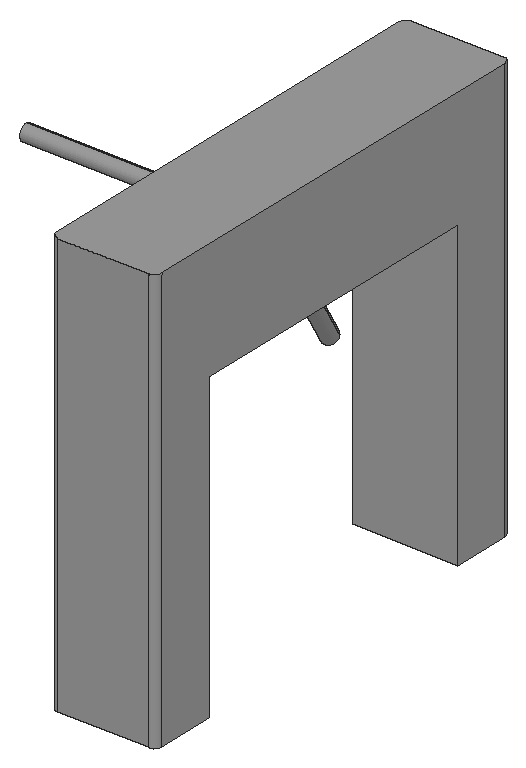
Revit family "ASSA_ABLOY_TS100", category Generic Models, Revit 2020
Family settings
  Can host rebar = No
  Round Connector Dimension = Use Diameter
  Part Type = Normal
  Work Plane-Based = No
  Always vertical = Yes
  Cut with Voids When Loaded = No
  Shared = No
  Room Calculation Point = No
Parameters (values of type "TS100")
  Width [instance] = 530.0 mm
  Weight = "Depends on configuration and size"
  WarrantyDescription = "Depends on country"
  Uniclass2 = ""
  URL = "https://www.assaabloyentrance.com"
  ThresholdRequired = no
  Shape = "Rectangular shaped"
  ServiceLifeDuration = "10-15 years"
  SerialNumber = "n/a"
  SelfClosing = yes
  SafetyDevices = "Force Limitations and Safety Sensors"
  ReplacementCost = "Depends on the configuration and door type"
  ReferenceStandard = "n/a"
  ProductionYear = "n/a"
  PassageWidthOptions = "530"
  OperatingTemperature = "-10º to +70ºC"
  NominalWidth = 758.0 mm
  NominalLength = 1200.0 mm
  NominalHeight = 1006.0 mm
  ModelReference = "Depends on the configuration"
  Model = "TS"
  Material = "Aluminum"
  ManufacturerURL = "https://www.assaabloyentrance.com"
  Manufacturer = "Tansa"
  LeafColourOptions = "All RAL, customer specific"
  IssueDate = "n/a"
  IsExternal = yes
  HasDrive = yes
  HandicapAccessible = no
  GlassType = "n/a"
  GlassThickness2 = 0.0 mm
  GlassThickness1 = 0.0 mm
  GlassLayers = 0
  FrameSeal = yes
  FrameProfile = "Aluminium"
  FrameFinishOptions = "Powder coated, Anodized, Clad in stainless steel, etc."
  Frame Material [instance] = AssaAbloy_Metal
  FireExit = yes
  Finish [instance] = "Powder coated, Anodized, stainless steel, customer specific"
  ElectronicLock = yes
  DrumWallOptions = "Metal"
  DoorsetOptions = "no"
  DoorsetOperation = "Automatic"
  DoorsetFasteners = "Screws"
  DoorIncluded = yes
  Description = "Tripod Turnstile"
  Default Elevation = 0.0 mm
  Construction Type = "Tripod turnstile"
  Colour = "Customer specific"
  Clearance Zone Material [instance] = AssaAbloy_Clearance
  Clearance Zone [instance] = no
  Capacity = "n/a"
  Burglar resistance = "No"
  BreakoutFacility = no
  Author = "agtatec"
  AntiFingerTrapRequirement = no
  Anti-tailgating/Anti-piggybacking = "No"
  AccessoryOptions = "Contact manufacturer"
  Access control/Biometrics = "Yes"
Reference planes
  plane 1 "Center (Front/Back)": y = 0
  plane 2: z = 0
  plane 3 "Center (Left/Right)": x = 0
  plane 4: x = -655
Dimensions and locks
  aligned and locked: level to plane 2
Nested families
  nested 1: "record_DurapodDT100_SidePanel" at (0, 0, 0), type "record_DurapodDT100_SidePanel"
  nested 2: "record_DurapodDT100_CZ" at (0, 0, 0), Clearance Zone <- "Clearance Zone", Clearance Zone Material <- "Clearance Zone Material", type "record_DurapodDT100_CZ"
    with Clearance Zone Material AssaAbloy_Clearance, Clearance Zone no
  nested 3: "record_DurapodDT100_RevolvingElement" at (-43.199, 0, 806.699) x (0, 1, 0) z (-0.7071, 0, -0.7071), Frame Material <- "Frame Material", type "record_DurapodDT100_RevolvingElement"
Definition of nested family "record_DurapodDT100_SidePanel"
  Parameters (values of type "record_DurapodDT100_SidePanel")
    Frame Material = none
    Default Elevation = 0.0 mm
  Reference planes
    plane 1 "Center (Front/Back)": y = 0
    plane 2: z = 0
    plane 3 "Center (Left/Right)": x = 0
  Forms (mm)
    Extrusion 1, solid, material <- "Frame Material", detail levels fine
      sketch origin (0, 0, 0) x (1, 0, 0) y (0, 1, 0)
        loop
          line (125, -507) -> (125, 507)
          arc (125, 507) -> (119.728, 519.728) -> (107, 525) r 18
          line (107, 525) -> (-107, 525)
          arc (-107, 525) -> (-119.728, 519.728) -> (-125, 507) r 18
          line (-125, 507) -> (-125, -507)
          arc (-125, -507) -> (-119.728, -519.728) -> (-107, -525) r 18
          line (-107, -525) -> (107, -525)
          arc (107, -525) -> (119.728, -519.728) -> (125, -507) r 18
      from 0 to 1005
    Extrusion 2, solid, material <- "Frame Material", detail levels coarse
      sketch origin (-0.1, 0, 0) x (1, 0, 0) y (0, 1, 0)
        loop
          line (125.1, -525) -> (125.1, 525) -> (-124.9, 525) -> (-124.9, -525) -> (125.1, -525)
      from 0 to 1005
    Extrusion 3, void
      sketch origin (0, 0, 0) x (1, 0, 0) y (0, 0, 1)
        loop
          line (-125, 0) -> (125, 0) -> (125, 723.05) -> (40.45, 723.05) -> (-125, 888.5) -> (-125, 0)
      from -368.5 to 368.5
    Extrusion 4, solid, material <- "Frame Material", detail levels medium
      sketch origin (-0.1, 0, 0) x (1, 0, 0) y (0, 1, 0)
        loop
          line (125.1, -525) -> (125.1, 525) -> (-124.9, 525) -> (-124.9, -525) -> (125.1, -525)
      from 0 to 1005
  Cuts and joins
    Extrusion 3 cuts Extrusion 1
    Extrusion 3 cuts Extrusion 4
  Dimensions and locks
    aligned and locked: level to plane 2
Definition of nested family "record_DurapodDT100_RevolvingElement"
  Parameters (values of type "record_DurapodDT100_RevolvingElement")
    Frame Material [instance] = none
    Default Elevation = 1219.2 mm
  Reference planes
    plane 1 "Center (Front/Back)": y = 0
    plane 2: z = 0
    plane 3 "Center (Left/Right)": x = 0
  Forms (mm)
    Extrusion 1, solid
      sketch origin (0, 0, 0) x (1, 0, 0) y (0, 1, 0)
        loop
          line (-1219.2, 1219.2) -> (-1219.2, -1219.2) -> (1219.2, -1219.2) -> (1219.2, 1219.2) -> (-1219.2, 1219.2)
      from 0 to -304.8
  Dimensions and locks
    aligned and locked: plane 2 to Extrusion 1
    aligned and locked: level to Extrusion 1
  Nested families
    nested 1: "record_DT_RevolvingElement_Free" at (0, 0, 0), type "record_DT_RevolvingElement_Free"
  Definition of nested family "record_DT_RevolvingElement_Free"
    Parameters (values of type "record_DT_RevolvingElement_Free")
      Rods Length = 488.7 mm  # constant formula
      Frame Material = none
      Default Elevation = 0.0 mm
    Reference planes
      plane 1 "Center (Front/Back)": y = 0
      plane 2: z = 0
      plane 3 "Center (Left/Right)": x = 0
      plane 4 "Rods": z = 37
      plane 5 "Rod 2": through (0, 0, 1200) normal (0.5, 0.866, 0)
      plane 6 "Rod 3": through (0, 0, 1200) normal (0.5, -0.866, 0)
      plane 7: through (0, 79.6, 20.378) normal (0, 0.7071, 0.7071)
      plane 8: through (0, 425.163, 365.941) normal (0, 0.7071, 0.7071)
      plane 9: through (0, 431.252, 403.693) normal (0, -0.7071, 0.7071)
      plane 10: through (44.538, -82.063, 20.378) normal (-0.6124, 0.3535, -0.7071)
      plane 11: through (361.188, -264.866, 345.875) normal (-0.6124, 0.3535, -0.7071)
      plane 12: through (349.095, -257.885, 403.709) normal (0.6124, -0.3535, -0.7071)
      plane 13: through (-423.126, -413.002, 545.382) normal (-0.6124, -0.3535, -0.7071)
      plane 14: through (-13.583, -176.572, -0.047) normal (-0.6124, -0.3535, 0.7071)
      plane 15: through (-312.856, -349.342, 345.517) normal (-0.6124, -0.3535, 0.7071)
    Forms (mm)
      Extrusion 1, solid, material <- "Frame Material", detail levels fine
        sketch origin (0, 0, 0) x (1, 0, 0) y (0, 1, 0)
          loop
            circle (0, 0) r 79.6
        from 0 to 20.4
      Sweep 2, solid, material <- "Frame Material", not visible, detail levels medium
        path origin (0, 0, 37) x (0, -1, 0) y (1, 0, 0)
          loop
            line (0, 60.877) -> (0, 685.877)
        profile origin (373.377, 0, 37) x (0, 1, 0) y (0, 0, 1)
          loop
            line (25.5, 1983) -> (-25.5, 1983) -> (-25.5, 1932) -> (25.5, 1932) -> (25.5, 1983)
          loop
            line (25.5, 1822) -> (-25.5, 1822) -> (-25.5, 1771) -> (25.5, 1771) -> (25.5, 1822)
          loop
            line (25.5, 1661) -> (-25.5, 1661) -> (-25.5, 1610) -> (25.5, 1610) -> (25.5, 1661)
          loop
            line (25.5, 1500) -> (-25.5, 1500) -> (-25.5, 1449) -> (25.5, 1449) -> (25.5, 1500)
          loop
            line (25.5, 1339) -> (-25.5, 1339) -> (-25.5, 1288) -> (25.5, 1288) -> (25.5, 1339)
          loop
            line (25.5, 1178) -> (-25.5, 1178) -> (-25.5, 1127) -> (25.5, 1127) -> (25.5, 1178)
          loop
            line (25.5, 1017) -> (-25.5, 1017) -> (-25.5, 966) -> (25.5, 966) -> (25.5, 1017)
          loop
            line (25.5, 856) -> (-25.5, 856) -> (-25.5, 805) -> (25.5, 805) -> (25.5, 856)
          loop
            line (25.5, 695) -> (-25.5, 695) -> (-25.5, 644) -> (25.5, 644) -> (25.5, 695)
          loop
            line (25.5, 534) -> (-25.5, 534) -> (-25.5, 483) -> (25.5, 483) -> (25.5, 534)
          loop
            line (25.5, 373) -> (-25.5, 373) -> (-25.5, 322) -> (25.5, 322) -> (25.5, 373)
          loop
            line (25.5, 212) -> (-25.5, 212) -> (-25.5, 161) -> (25.5, 161) -> (25.5, 212)
          loop
            line (25.5, 51) -> (-25.5, 51) -> (-25.5, 0) -> (25.5, 0) -> (25.5, 51)
      Sweep 3, solid, material <- "Frame Material", not visible, detail levels medium
        path origin (0, 0, 37) x (0, -1, 0) y (1, 0, 0)
          loop
            line (-52.722, -30.439) -> (-593.989, -342.946)
        profile origin (-186.693, 323.356, 37) x (-0.866021, -0.500007, 0) y (0, 0, 1)
          loop
            line (-25.5, 1932) -> (25.5, 1932) -> (25.5, 1983) -> (-25.5, 1983) -> (-25.5, 1932)
          loop
            line (-25.5, 1771) -> (25.5, 1771) -> (25.5, 1822) -> (-25.5, 1822) -> (-25.5, 1771)
          loop
            line (-25.5, 1610) -> (25.5, 1610) -> (25.5, 1661) -> (-25.5, 1661) -> (-25.5, 1610)
          loop
            line (-25.5, 1449) -> (25.5, 1449) -> (25.5, 1500) -> (-25.5, 1500) -> (-25.5, 1449)
          loop
            line (-25.5, 1288) -> (25.5, 1288) -> (25.5, 1339) -> (-25.5, 1339) -> (-25.5, 1288)
          loop
            line (-25.5, 1127) -> (25.5, 1127) -> (25.5, 1178) -> (-25.5, 1178) -> (-25.5, 1127)
          loop
            line (-25.5, 966) -> (25.5, 966) -> (25.5, 1017) -> (-25.5, 1017) -> (-25.5, 966)
          loop
            line (-25.5, 805) -> (25.5, 805) -> (25.5, 856) -> (-25.5, 856) -> (-25.5, 805)
          loop
            line (-25.5, 644) -> (25.5, 644) -> (25.5, 695) -> (-25.5, 695) -> (-25.5, 644)
          loop
            line (-25.5, 483) -> (25.5, 483) -> (25.5, 534) -> (-25.5, 534) -> (-25.5, 483)
          loop
            line (-25.5, 322) -> (25.5, 322) -> (25.5, 373) -> (-25.5, 373) -> (-25.5, 322)
          loop
            line (-25.5, 161) -> (25.5, 161) -> (25.5, 212) -> (-25.5, 212) -> (-25.5, 161)
          loop
            line (-25.5, 0) -> (25.5, 0) -> (25.5, 51) -> (-25.5, 51) -> (-25.5, 0)
      Sweep 4, solid, material <- "Frame Material", not visible, detail levels medium
        path origin (0, 0, 37) x (0, -1, 0) y (1, 0, 0)
          loop
            line (52.717, -30.446) -> (593.999, -342.919)
        profile origin (-186.682, -323.358, 37) x (0.86605, -0.499957, 0) y (0, 0, 1)
          loop
            line (-25.5, 1983) -> (-25.5, 1932) -> (25.5, 1932) -> (25.5, 1983) -> (-25.5, 1983)
          loop
            line (-25.5, 1822) -> (-25.5, 1771) -> (25.5, 1771) -> (25.5, 1822) -> (-25.5, 1822)
          loop
            line (-25.5, 1661) -> (-25.5, 1610) -> (25.5, 1610) -> (25.5, 1661) -> (-25.5, 1661)
          loop
            line (-25.5, 1500) -> (-25.5, 1449) -> (25.5, 1449) -> (25.5, 1500) -> (-25.5, 1500)
          loop
            line (-25.5, 1339) -> (-25.5, 1288) -> (25.5, 1288) -> (25.5, 1339) -> (-25.5, 1339)
          loop
            line (-25.5, 1178) -> (-25.5, 1127) -> (25.5, 1127) -> (25.5, 1178) -> (-25.5, 1178)
          loop
            line (-25.5, 1017) -> (-25.5, 966) -> (25.5, 966) -> (25.5, 1017) -> (-25.5, 1017)
          loop
            line (-25.5, 856) -> (-25.5, 805) -> (25.5, 805) -> (25.5, 856) -> (-25.5, 856)
          loop
            line (-25.5, 695) -> (-25.5, 644) -> (25.5, 644) -> (25.5, 695) -> (-25.5, 695)
          loop
            line (-25.5, 534) -> (-25.5, 483) -> (25.5, 483) -> (25.5, 534) -> (-25.5, 534)
          loop
            line (-25.5, 373) -> (-25.5, 322) -> (25.5, 322) -> (25.5, 373) -> (-25.5, 373)
          loop
            line (-25.5, 212) -> (-25.5, 161) -> (25.5, 161) -> (25.5, 212) -> (-25.5, 212)
          loop
            line (-25.5, 51) -> (-25.5, 0) -> (25.5, 0) -> (25.5, 51) -> (-25.5, 51)
      Sweep 5, solid, material <- "Frame Material", not visible, detail levels fine
        path origin (0, 0, 37) x (0, -1, 0) y (1, 0, 0)
          loop
            line (0, 60.877) -> (0, 685.877)
        profile origin (373.377, 0, 37) x (0, 1, 0) y (0, 0, 1)
          loop
            circle (0, 25.5) r 25.5
          loop
            circle (0, 186.5) r 25.5
          loop
            circle (0, 347.5) r 25.5
          loop
            circle (0, 508.5) r 25.5
          loop
            circle (0, 669.5) r 25.5
          loop
            circle (0, 830.5) r 25.5
          loop
            circle (0, 991.5) r 25.5
          loop
            circle (0, 1152.5) r 25.5
          loop
            circle (0, 1313.5) r 25.5
          loop
            circle (0, 1474.5) r 25.5
          loop
            circle (0, 1635.5) r 25.5
          loop
            circle (0, 1796.5) r 25.5
          loop
            circle (0, 1957.5) r 25.5
      Sweep 6, solid, material <- "Frame Material", not visible, detail levels fine
        path origin (0, 0, 37) x (0, -1, 0) y (1, 0, 0)
          loop
            line (-52.722, -30.439) -> (-593.989, -342.946)
        profile origin (-186.693, 323.356, 37) x (-0.866021, -0.500007, 0) y (0, 0, 1)
          loop
            circle (0, 25.5) r 25.5
          loop
            circle (0, 186.5) r 25.5
          loop
            circle (0, 347.5) r 25.5
          loop
            circle (0, 508.5) r 25.5
          loop
            circle (0, 669.5) r 25.5
          loop
            circle (0, 830.5) r 25.5
          loop
            circle (0, 991.5) r 25.5
          loop
            circle (0, 1152.5) r 25.5
          loop
            circle (0, 1313.5) r 25.5
          loop
            circle (0, 1474.5) r 25.5
          loop
            circle (0, 1635.5) r 25.5
          loop
            circle (0, 1796.5) r 25.5
          loop
            circle (0, 1957.5) r 25.5
      Sweep 7, solid, material <- "Frame Material", not visible, detail levels fine
        path origin (0, 0, 37) x (0, -1, 0) y (1, 0, 0)
          loop
            line (52.717, -30.446) -> (593.999, -342.919)
        profile origin (-186.682, -323.358, 37) x (0.86605, -0.499957, 0) y (0, 0, 1)
          loop
            circle (0, 25.5) r 25.5
          loop
            circle (0, 186.5) r 25.5
          loop
            circle (0, 347.5) r 25.5
          loop
            circle (0, 508.5) r 25.5
          loop
            circle (0, 669.5) r 25.5
          loop
            circle (0, 830.5) r 25.5
          loop
            circle (0, 991.5) r 25.5
          loop
            circle (0, 1152.5) r 25.5
          loop
            circle (0, 1313.5) r 25.5
          loop
            circle (0, 1474.5) r 25.5
          loop
            circle (0, 1635.5) r 25.5
          loop
            circle (0, 1796.5) r 25.5
          loop
            circle (0, 1957.5) r 25.5
      Blend 8, solid, material <- "Frame Material", detail levels fine
        base sketch origin (0, 0, 0) x (1, 0, 0) y (0, 1, 0)
          loop
            circle (0, 0) r 79.601
        top sketch origin (0, 0, 0) x (1, 0, 0) y (0, 1, 0)
          loop
            circle (0, 0) r 31.441
        from 20.4 to 68.5
      Extrusion 9, solid, material <- "Frame Material", detail levels fine
        sketch origin (0, 0, 0) x (1, 0, 0) y (0, 1, 0)
          loop
            circle (0, 0) r 31.441
        from 71.601 to 68.5
      Sweep 10, solid, material <- "Frame Material", detail levels fine
        path origin (0, 0, 0) x (-0.866044, 0.499969, 0) y (0, 0, 1)
          loop
            line (-409.331, 381.774) -> (-60.232, 32.675)
        profile origin (203.331, -117.383, 207.224) x (-0.612385, 0.353531, 0.707107) y (0.499969, 0.866044, 0)
          loop
            circle (0, 0) r 19
      Sweep 11, solid, material <- "Frame Material", detail levels fine
        path origin (0, 0, 0) x (0, 1, 0) y (0, 0, -1)
          loop
            line (60.233, -32.674) -> (409.332, -381.773)
        profile origin (0, 234.782, 207.224) x (0, -0.707107, 0.707107) y (1, 0, 0)
          loop
            circle (0, 0) r 19
      Sweep 12, solid, material <- "Frame Material", detail levels fine
        path origin (0, 0, 0) x (0.866044, 0.499969, 0) y (0, 0, 1)
          loop
            line (-60.238, 32.688) -> (-409.337, 381.786)
        profile origin (-203.336, -117.386, 207.237) x (0.612385, 0.353531, 0.707107) y (-0.499969, 0.866044, 0)
          loop
            circle (0, 0) r 19
      Extrusion 13, solid, material <- "Frame Material", detail levels medium
        sketch origin (0, 0, 0) x (1, 0, 0) y (0, 1, 0)
          loop
            line (79.6, 79.6) -> (-79.6, 79.6) -> (-79.6, -79.6) -> (79.6, -79.6) -> (79.6, 79.6)
        from 0 to 20.4
      Sweep 14, solid, material <- "Frame Material", detail levels medium
        path origin (0, 0, 0) x (-0.866044, 0.499969, 0) y (0, 0, 1)
          loop
            line (-409.331, 381.774) -> (-27.557, 0)
        profile origin (189.182, -109.215, 190.887) x (-0.612385, 0.353531, 0.707107) y (0.499969, 0.866044, 0)
          loop
            line (-19, 19) -> (-19, -19) -> (19, -19) -> (19, 19) -> (-19, 19)
      Sweep 15, solid, material <- "Frame Material", detail levels medium
        path origin (0, 0, 0) x (0, 1, 0) y (0, 0, -1)
          loop
            line (27.559, 0) -> (409.332, -381.773)
        profile origin (0, 218.445, 190.886) x (0, -0.707107, 0.707107) y (1, 0, 0)
          loop
            line (-19, 19) -> (-19, -19) -> (19, -19) -> (19, 19) -> (-19, 19)
      Sweep 16, solid, material <- "Frame Material", detail levels medium
        path origin (0, 0, 0) x (0.866044, 0.499969, 0) y (0, 0, 1)
          loop
            line (-27.551, 0) -> (-409.337, 381.786)
        profile origin (-189.182, -109.215, 190.893) x (0.612385, 0.353531, 0.707107) y (-0.499969, 0.866044, 0)
          loop
            line (-19, -19) -> (19, -19) -> (19, 19) -> (-19, 19) -> (-19, -19)
      Extrusion 17, void
        sketch origin (0, 0, 0) x (1, 0, 0) y (0, 1, 0)
          loop
            line (79.6, 79.6) -> (-79.6, 79.6) -> (-79.6, -79.6) -> (79.6, -79.6) -> (79.6, 79.6)
        from -15 to 20.4
    Cuts and joins
      joined: Extrusion 1, Blend 8, Sweep 10, Sweep 11, Sweep 12
      Extrusion 17 cuts Sweep 15
      joined: Extrusion 13, Sweep 15
      Extrusion 17 cuts Sweep 16
      Extrusion 17 cuts Sweep 14
    Dimensions and locks
      "Rods Length": plane 7 to plane 8
      "Rods Length": plane 11 to plane 10
      Sweep 11 sketch curve to plane 7 = 5.0 mm
      plane 10 to Sweep 10 sketch curve = 5.0 mm
      plane 14 to Sweep 12 sketch curve = 5.0 mm
      "Rods Length": plane 15 to plane 14
      aligned and locked: level to plane 2
      aligned and locked: plane 9 to Sweep 11 sketch curve
      aligned and locked: plane 8 to Sweep 11 sketch curve
      aligned and locked: plane 12 to Sweep 10 sketch curve
      aligned and locked: plane 11 to Sweep 10 sketch curve
      aligned and locked: Sweep 12 sketch curve to plane 13
      aligned and locked: plane 15 to Sweep 12 sketch curve
      aligned and locked: plane 9 to Sweep 15 sketch curve
      aligned and locked: plane 8 to Sweep 15 sketch curve
      aligned and locked: Sweep 14 sketch curve to plane 12
      aligned and locked: plane 11 to Sweep 14 sketch curve
      aligned and locked: Sweep 16 sketch curve to plane 13
      aligned and locked: plane 15 to Sweep 16 sketch curve
    Automatic sketch dimensions
      Sweep 2 sketch curve to Sweep 2 sketch curve = 625.0 mm
      Sweep 2 sketch curve to Sweep 2 sketch curve = 0.0 mm  (x12)
      Sweep 2 sketch curve to Sweep 2 sketch curve = 51.0 mm  (x26)
      Sweep 2 sketch curve to Sweep 2 sketch curve = 110.0 mm  (x12)
      Sweep 3 sketch curve to Sweep 3 sketch curve = 541.267 mm
      Sweep 3 sketch curve to Sweep 3 sketch curve = 312.507 mm
      Sweep 3 sketch curve to Sweep 3 sketch curve = 0.0 mm  (x12)
      Sweep 3 sketch curve to Sweep 3 sketch curve = 51.0 mm  (x26)
      Sweep 3 sketch curve to Sweep 3 sketch curve = 110.0 mm  (x12)
      Sweep 4 sketch curve to Sweep 4 sketch curve = 541.283 mm
      Sweep 4 sketch curve to Sweep 4 sketch curve = 312.474 mm
      Sweep 4 sketch curve to Sweep 4 sketch curve = 0.0 mm  (x12)
      Sweep 4 sketch curve to Sweep 4 sketch curve = 51.0 mm  (x26)
      Sweep 4 sketch curve to Sweep 4 sketch curve = 110.0 mm  (x12)
      Sweep 5 sketch curve to Sweep 5 sketch curve = 625.0 mm
      Sweep 5 sketch curve to Sweep 5 sketch curve = 0.0 mm  (x12)
      Sweep 5 sketch curve to Sweep 5 sketch curve = 161.0 mm  (x12)
      Sweep 6 sketch curve to Sweep 6 sketch curve = 541.267 mm
      Sweep 6 sketch curve to Sweep 6 sketch curve = 312.507 mm
      Sweep 6 sketch curve to Sweep 6 sketch curve = 0.0 mm  (x12)
      Sweep 6 sketch curve to Sweep 6 sketch curve = 161.0 mm  (x12)
      Sweep 7 sketch curve to Sweep 7 sketch curve = 541.283 mm
      Sweep 7 sketch curve to Sweep 7 sketch curve = 312.474 mm
      Sweep 7 sketch curve to Sweep 7 sketch curve = 0.0 mm  (x12)
      Sweep 7 sketch curve to Sweep 7 sketch curve = 161.0 mm  (x12)
      plane 1 "Center (Front/Back)" to Extrusion 1 sketch curve = 0.0 mm
      plane 3 "Center (Left/Right)" to Extrusion 1 sketch curve = 0.0 mm
      plane 1 "Center (Front/Back)" to Blend 8 sketch curve = 0.0 mm  (x2)
      Blend 8 sketch curve to plane 3 "Center (Left/Right)" = 0.0 mm  (x2)
      plane 1 "Center (Front/Back)" to Extrusion 9 sketch curve = 0.0 mm
      plane 3 "Center (Left/Right)" to Extrusion 9 sketch curve = 0.0 mm
      plane 5 "Rod 2" to Sweep 10 sketch curve = 0.0 mm
      Sweep 10 sketch curve to profile plane = 0.0 mm
      Sweep 11 sketch curve to plane 3 "Center (Left/Right)" = 0.0 mm
      Sweep 11 sketch curve to profile plane = 0.0 mm
      Sweep 12 sketch curve to plane 6 "Rod 3" = 0.0 mm
      profile plane to Sweep 12 sketch curve = 0.0 mm
      Extrusion 13 sketch curve to plane 3 "Center (Left/Right)" = 79.6 mm
      plane 3 "Center (Left/Right)" to Extrusion 13 sketch curve = 79.6 mm
      plane 1 "Center (Front/Back)" to Extrusion 13 sketch curve = 79.6 mm
      Extrusion 13 sketch curve to plane 1 "Center (Front/Back)" = 79.6 mm
      Sweep 15 sketch curve to level = 0.0 mm
      plane 3 "Center (Left/Right)" to Sweep 15 sketch curve = 19.0 mm
      profile plane to Sweep 15 sketch curve = 19.0 mm
      Sweep 15 sketch curve to profile plane = 19.0 mm
      Sweep 15 sketch curve to plane 3 "Center (Left/Right)" = 19.0 mm
      Sweep 14 sketch curve to plane 5 "Rod 2" = 19.0 mm
      profile plane to Sweep 14 sketch curve = 19.0 mm
      Sweep 14 sketch curve to profile plane = 19.0 mm
      plane 5 "Rod 2" to Sweep 14 sketch curve = 19.0 mm
      Sweep 16 sketch curve to plane 6 "Rod 3" = 19.0 mm
      plane 6 "Rod 3" to Sweep 16 sketch curve = 19.0 mm
      profile plane to Sweep 16 sketch curve = 19.0 mm
      Sweep 16 sketch curve to profile plane = 19.0 mm
      level to Sweep 14 sketch curve = 0.0 mm
      Sweep 16 sketch curve to level = 0.0 mm
      Extrusion 17 sketch curve to plane 3 "Center (Left/Right)" = 79.6 mm
      plane 3 "Center (Left/Right)" to Extrusion 17 sketch curve = 79.6 mm
      plane 1 "Center (Front/Back)" to Extrusion 17 sketch curve = 79.6 mm
      Extrusion 17 sketch curve to plane 1 "Center (Front/Back)" = 79.6 mm
      radius of Sweep 5 sketch curve = 25.5 mm  (x13)
      radius of Sweep 6 sketch curve = 25.5 mm  (x13)
      radius of Sweep 7 sketch curve = 25.5 mm  (x13)
      radius of Extrusion 1 sketch curve = 79.6 mm
      radius of Blend 8 sketch curve = 79.601 mm
      radius of Blend 8 sketch curve = 31.441 mm
      radius of Extrusion 9 sketch curve = 31.441 mm
      radius of Sweep 10 sketch curve = 19.0 mm
      radius of Sweep 11 sketch curve = 19.0 mm
      radius of Sweep 12 sketch curve = 19.0 mm
Definition of nested family "record_DurapodDT100_CZ"
  Parameters (values of type "record_DurapodDT100_CZ")
    Default Elevation = 0.0 mm
    Clearance Zone Material [instance] = none
    Clearance Zone [instance] = yes
  Reference planes
    plane 1 "Center (Front/Back)": y = 0
    plane 2: z = 0
    plane 3 "Center (Left/Right)": x = 0
  Forms (mm)
    Extrusion 1, solid, material <- "Clearance Zone Material", visible <- "Clearance Zone"
      sketch origin (0, 0, 0) x (1, 0, 0) y (0, 1, 0)
        loop
          line (130, 530) -> (-130, 530) -> (-130, 428.6) -> (-608, 428.6) -> (-608, -428.6) -> (-130, -428.6) -> (-130, -530) -> (130, -530) -> (130, 530)
      from 0 to 1007
    Extrusion 2, void
      sketch origin (0, 0, 0) x (1, 0, 0) y (0, 0, 1)
        loop
          line (-697.81, 849.401) -> (-130, 849.401) -> (-130, 1039.401) -> (-697.81, 1039.401) -> (-697.81, 849.401)
      from -450 to 450
  Cuts and joins
    Extrusion 2 cuts Extrusion 1
  Dimensions and locks
    aligned and locked: level to plane 2
